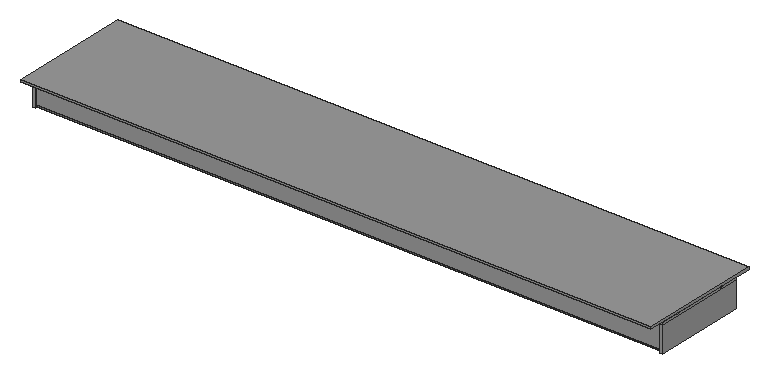
Revit family "Berica 2.2 M", category Lighting Fixtures, Revit 2020 (continued)
Definition of nested family "Light Source Berica 2.2"
  Parameters (values of type "L 45°x96°")
       25.73 34.31 49.29 61.92 \r\n72.51 87.61 108.86 127.38 148.02 172.27 198.50 226.74 \r\n260.89 298.28 327.17 349.71 378.66 408.26 448.06 495.60 \r\n539.15 581.68 615.55 651.49 687.83 725.33 765.00 806.26 \r\n849.23 892.90 933.96 981.05 1024.16 1068.47 1113.29 \r\n1155.72 1200.02 1242.16 1284.20 1323.87 1360.80 1399.64 \r\n1433.64 1468.63 1500.66 1532.42 1560.14 1590.27 1615.50 \r\n1641.53 1664.67 1686.52 1706.02 1723.71 1737.48 1751.03 \r\n1761.75 1773.58 1782.96 1790.84 1796.12 \r\n1796.12 1791.11 1784.43 1776.39 1767.45 1757.47 1745.42 \r\n1733.25 1717.93 1703.57 1684.01 1664.91 1642.56 1620.92 \r\n1594.47 1568.82 1541.65 1513.27 1483.99 1452.56 1421.37 \r\n1385.68 1353.40 1316.64 1280.58 1237.99 1199.77 1158.50 \r\n1117.18 1075.66 1034.00 992.71 949.70 910.08 865.77 \r\n827.11 784.59 748.42 708.65 675.62 640.29 606.71 574.44 \r\n540.45 504.73 463.08 421.18 384.43 355.89 330.44 307.89 \r\n280.12 247.03 214.62 187.63 160.90 137.13 117.09 95.43 \r\n74.77 63.42 50.89 36.81 26.52 22.79 19.88 16.84 13.74 \r\n10.54 7.03 3.75 2.76 2.42 2.17 1.92 1.70 1.47 1.25 1.05 \r\n0.86 0.69 0.52 0.38 0.27 0.20 0.17 0.16 0.16 0.16 0.16 \r\n0.16 0.16 0.16 0.16 0.16 0.17 0.20 0.27 0.38 0.52 0.69 \r\n0.86 1.05 1.25 1.47 1.70 1.92 2.17 2.42 2.76 3.75 7.03 \r\n10.54 13.74 16.84 19.88 22.79 26.52 36.81 50.89 63.42 \r\n74.77 95.43 117.09 137.13 160.90 187.63 214.62 247.03 \r\n280.12 307.89 330.44 355.89 384.43 421.18 463.08 504.73 \r\n540.45 574.44 606.71 640.29 675.62 708.65 748.42 784.59 \r\n827.11 865.77 910.08 949.70 992.71 1034.00 1075.66 \r\n1117.18 1158.50 1199.77 1237.99 1280.58 1316.64 1353.40 \r\n1385.68 1421.37 1452.56 1483.99 1513.27 1541.65 1568.82 \r\n1594.47 1620.92 1642.56 1664.91 1684.01 1703.57 1717.93 \r\n1733.25 1745.42 1757.47 1767.45 1776.39 1784.43 1791.11 \r\n1796.12 \r\n1796.12 1792.12 1786.26 1780.08 1773.01 1764.19 1754.28 \r\n1743.55 1731.25 1718.25 1703.33 1687.66 1668.95 1651.52 \r\n1628.70 1606.32 1583.35 1558.66 1530.74 1506.11 1477.67 \r\n1449.41 1418.69 1386.36 1356.94 1318.71 1287.15 1247.90 \r\n1211.13 1170.68 1135.08 1096.70 1057.17 1015.75 975.25 \r\n935.81 894.37 855.07 818.94 778.75 743.65 706.55 670.67 \r\n638.03 603.45 570.93 540.30 509.61 481.18 447.14 412.01 \r\n376.43 341.46 315.34 291.41 268.75 243.25 212.94 184.04 \r\n157.03 130.85 110.32 89.80 70.47 58.67 47.01 34.43 27.14 \r\n23.60 20.41 16.84 13.43 9.93 7.02 6.05 5.26 4.61 3.92 \r\n3.30 2.68 2.18 1.64 1.20 0.82 0.56 0.34 0.24 0.20 0.20 \r\n0.20 0.20 0.20 0.20 0.20 0.24 0.34 0.56 0.82 1.20 1.64 \r\n2.18 2.68 3.30 3.92 4.61 5.26 6.05 7.02 9.93 13.43 16.84 \r\n20.41 23.60 27.14 34.43 47.01 58.67 70.47 89.80 110.32 \r\n130.85 157.03 184.04 212.94 243.25 268.75 291.41 315.34 \r\n341.46 376.43 412.01 447.14 481.18 509.61 540.30 570.93 \r\n603.45 638.03 670.67 706.55 743.65 778.75 818.94 855.07 \r\n894.37 935.81 975.25 1015.75 1057.17 1096.70 1135.08 \r\n1170.68 1211.13 1247.90 1287.15 1318.71 1356.94 1386.36 \r\n1418.69 1449.41 1477.67 1506.11 1530.74 1558.66 1583.35 \r\n1606.32 1628.70 1651.52 1668.95 1687.66 1703.33 1718.25 \r\n1731.25 1743.55 1754.28 1764.19 1773.01 1780.08 1786.26 \r\n1792.12 1796.12 \r\n1796.12 1792.60 1787.85 1782.90 1777.04 1769.85 1761.80 \r\n1752.84 1742.47 1731.26 1719.81 1706.91 1692.53 1677.48 \r\n1657.68 1640.57 1620.98 1602.15 1578.21 1554.83 1529.79 \r\n1504.73 1479.61 1453.22 1424.40 1395.65 1364.54 1332.04 \r\n1301.11 1266.74 1233.21 1198.18 1162.46 1125.54 1086.02 \r\n1050.30 1013.03 972.37 934.49 895.49 857.36 819.81 780.92 \r\n742.00 706.25 671.28 636.42 603.80 571.14 541.82 509.91 \r\n482.34 453.65 426.38 398.93 369.98 339.94 308.16 277.33 \r\n254.66 233.69 211.07 185.80 160.99 136.88 113.79 94.62 \r\n75.64 62.08 50.99 39.80 32.83 28.31 24.48 20.49 16.80 \r\n13.79 11.80 10.01 8.50 6.83 5.46 4.03 2.91 1.85 1.06 0.54 \r\n0.34 0.25 0.24 0.24 0.24 0.25 0.34 0.54 1.06 1.85 2.91 \r\n4.03 5.46 6.83 8.50 10.01 11.80 13.79 16.80 20.49 24.48 \r\n28.31 32.83 39.80 50.99 62.08 75.64 94.62 113.79 136.88 \r\n160.99 185.80 211.07 233.69 254.66 277.33 308.16 339.94 \r\n369.98 398.93 426.38 453.65 482.34 509.91 541.82 571.14 \r\n603.80 636.42 671.28 706.25 742.00 780.92 819.81 857.36 \r\n895.49 934.49 972.37 1013.03 1050.30 1086.02 1125.54 \r\n1162.46 1198.18 1233.21 1266.74 1301.11 1332.04 1364.54 \r\n1395.65 1424.40 1453.22 1479.61 1504.73 1529.79 1554.83 \r\n1578.21 1602.15 1620.98 1640.57 1657.68 1677.48 1692.53 \r\n1706.91 1719.81 1731.26 1742.47 1752.84 1761.80 1769.85 \r\n1777.04 1782.90 1787.85 1792.60 1796.12 \r\n1796.12 1793.99 1790.95 1786.70 1781.24 1776.98 1770.43 \r\n1762.79 1754.15 1744.02 1734.19 1722.99 1712.14 1700.83 \r\n1685.16 1671.61 1656.07 1638.55 1620.00 1600.56 1579.52 \r\n1559.53 1536.71 1512.72 1489.77 1462.59 1438.81 1409.46 \r\n1381.50 1351.04 1323.28 1290.42 1260.93 1225.64 1194.21 \r\n1158.91 1122.78 1088.75 1050.80 1012.58 976.01 937.35 \r\n897.19 858.77 818.71 781.59 741.37 707.39 673.77 636.62 \r\n603.53 569.46 538.60 506.25 475.75 445.75 419.62 393.45 \r\n365.69 341.90 317.95 294.55 269.00 245.72 220.51 197.73 \r\n179.07 160.94 141.58 121.72 101.70 84.99 69.10 57.10 \r\n48.08 40.31 34.88 30.05 25.38 21.53 17.99 14.72 11.86 \r\n8.95 6.28 3.82 1.95 0.81 0.40 0.29 0.29 0.29 0.40 0.81 \r\n1.95 3.82 6.28 8.95 11.86 14.72 17.99 21.53 25.38 30.05 \r\n34.88 40.31 48.08 57.10 69.10 84.99 101.70 121.72 141.58 \r\n160.94 179.07 197.73 220.51 245.72 269.00 294.55 317.95 \r\n341.90 365.69 393.45 419.62 445.75 475.75 506.25 538.60 \r\n569.46 603.53 636.62 673.77 707.39 741.37 781.59 818.71 \r\n858.77 897.19 937.35 976.01 1012.58 1050.80 1088.75 \r\n1122.78 1158.91 1194.21 1225.64 1260.93 1290.42 1323.28 \r\n1351.04 1381.50 1409.46 1438.81 1462.59 1489.77 1512.72 \r\n1536.71 1559.53 1579.52 1600.56 1620.00 1638.55 1656.07 \r\n1671.61 1685.16 1700.83 1712.14 1722.99 1734.19 1744.02 \r\n1754.15 1762.79 1770.43 1776.98 1781.24 1786.70 1790.95 \r\n1793.99 1796.12 \r\n1796.12 1794.36 1792.21 1789.10 1784.98 1780.82 1775.30 \r\n1770.38 1763.77 1756.30 1747.99 1738.08 1728.27 1718.19 \r\n1706.00 1693.58 1680.07 1666.34 1650.67 1635.15 1618.13 \r\n1599.47 1582.60 1562.56 1542.48 1520.95 1497.82 1474.72 \r\n1450.99 1425.79 1399.67 1372.14 1343.30 1315.76 1283.63 \r\n1253.17 1218.68 1186.98 1150.37 1116.18 1082.57 1041.94 \r\n1006.29 966.44 928.16 890.03 848.22 811.72 772.53 733.46 \r\n696.66 658.19 623.55 587.81 551.59 521.17 489.94 458.05 \r\n427.92 399.66 372.86 347.24 321.07 299.58 275.82 254.64 \r\n234.48 214.87 196.93 178.85 161.71 145.00 130.46 114.74 \r\n102.21 88.64 76.82 64.97 56.06 48.01 41.15 35.07 28.96 \r\n23.16 17.94 12.79 8.06 4.24 1.96 0.80 0.54 0.80 1.96 4.24 \r\n8.06 12.79 17.94 23.16 28.96 35.07 41.15 48.01 56.06 \r\n64.97 76.82 88.64 102.21 114.74 130.46 145.00 161.71 \r\n178.85 196.93 214.87 234.48 254.64 275.82 299.58 321.07 \r\n347.24 372.86 399.66 427.92 458.05 489.94 521.17 551.59 \r\n587.81 623.55 658.19 696.66 733.46 772.53 811.72 848.22 \r\n890.03 928.16 966.44 1006.29 1041.94 1082.57 1116.18 \r\n1150.37 1186.98 1218.68 1253.17 1283.63 1315.76 1343.30 \r\n1372.14 1399.67 1425.79 1450.99 1474.72 1497.82 1520.95 \r\n1542.48 1562.56 1582.60 1599.47 1618.13 1635.15 1650.67 \r\n1666.34 1680.07 1693.58 1706.00 1718.19 1728.27 1738.08 \r\n1747.99 1756.30 1763.77 1770.38 1775.30 1780.82 1784.98 \r\n1789.10 1792.21 1794.36 1796.12 \r\n1796.12 1794.86 1793.29 1790.52 1788.60 1785.60 1780.89 \r\n1776.72 1771.55 1765.90 1759.08 1751.24 1743.20 1734.33 \r\n1724.22 1713.45 1701.59 1689.16 1675.93 1660.99 1645.91 \r\n1629.54 1612.96 1595.57 1578.95 1559.52 1538.56 1518.62 \r\n1497.76 1474.40 1451.86 1428.82 1403.36 1377.53 1350.27 \r\n1321.13 1293.54 1262.09 1230.40 1195.31 1163.50 1128.77 \r\n1091.71 1054.83 1015.43 976.60 938.38 897.52 858.68 \r\n818.03 778.90 739.82 699.61 662.08 623.28 587.16 549.45 \r\n515.88 484.19 451.48 422.12 393.41 364.32 339.38 312.68 \r\n289.42 265.98 246.11 226.22 206.42 188.78 171.23 156.66 \r\n141.12 128.98 116.28 104.07 93.13 82.34 72.98 62.98 54.43 \r\n45.99 37.71 30.09 22.57 16.43 9.93 5.54 2.29 1.69 2.29 \r\n5.54 9.93 16.43 22.57 30.09 37.71 45.99 54.43 62.98 72.98 \r\n82.34 93.13 104.07 116.28 128.98 141.12 156.66 171.23 \r\n188.78 206.42 226.22 246.11 265.98 289.42 312.68 339.38 \r\n364.32 393.41 422.12 451.48 484.19 515.88 549.45 587.16 \r\n623.28 662.08 699.61 739.82 778.90 818.03 858.68 897.52 \r\n938.38 976.60 1015.43 1054.83 1091.71 1128.77 1163.50 \r\n1195.31 1230.40 1262.09 1293.54 1321.13 1350.27 1377.53 \r\n1403.36 1428.82 1451.86 1474.40 1497.76 1518.62 1538.56 \r\n1559.52 1578.95 1595.57 1612.96 1629.54 1645.91 1660.99 \r\n1675.93 1689.16 1701.59 1713.45 1724.22 1734.33 1743.20 \r\n1751.24 1759.08 1765.90 1771.55 1776.72 1780.89 1785.60 \r\n1788.60 1790.52 1793.29 1794.86 1796.12 \r\n1796.12 1796.33 1795.80 1794.31 1792.30 1789.58 1786.82 \r\n1783.96 1778.95 1773.09 1767.33 1761.68 1753.82 1746.64 \r\n1736.51 1727.02 1716.51 1704.58 1691.36 1678.24 1664.64 \r\n1649.82 1634.03 1617.30 1601.08 1582.78 1564.94 1544.82 \r\n1524.63 1502.56 1481.29 1457.39 1433.44 1410.79 1384.47 \r\n1357.48 1326.61 1297.17 1267.16 1236.66 1201.68 1167.61 \r\n1132.39 1093.14 1057.15 1017.59 979.44 940.32 899.69 \r\n860.46 818.90 779.36 740.21 698.11 663.50 624.59 587.13 \r\n550.81 517.19 486.02 454.03 423.05 395.85 368.86 340.85 \r\n316.50 292.55 271.53 249.87 230.01 210.17 193.40 177.50 \r\n161.31 146.84 133.87 120.78 108.97 96.70 85.91 75.46 \r\n65.48 55.78 46.56 37.64 29.00 20.85 14.13 8.47 4.56 3.25 \r\n4.56 8.47 14.13 20.85 29.00 37.64 46.56 55.78 65.48 75.46 \r\n85.91 96.70 108.97 120.78 133.87 146.84 161.31 177.50 \r\n193.40 210.17 230.01 249.87 271.53 292.55 316.50 340.85 \r\n368.86 395.85 423.05 454.03 486.02 517.19 550.81 587.13 \r\n624.59 663.50 698.11 740.21 779.36 818.90 860.46 899.69 \r\n940.32 979.44 1017.59 1057.15 1093.14 1132.39 1167.61 \r\n1201.68 1236.66 1267.16 1297.17 1326.61 1357.48 1384.47 \r\n1410.79 1433.44 1457.39 1481.29 1502.56 1524.63 1544.82 \r\n1564.94 1582.78 1601.08 1617.30 1634.03 1649.82 1664.64 \r\n1678.24 1691.36 1704.58 1716.51 1727.02 1736.51 1746.64 \r\n1753.82 1761.68 1767.33 1773.09 1778.95 1783.96 1786.82 \r\n1789.58 1792.30 1794.31 1795.80 1796.33 1796.12 \r\n1796.12 1796.17 1796.34 1794.67 1793.18 1791.29 1788.07 \r\n1784.45 1779.97 1774.96 1769.21 1763.34 1755.52 1747.68 \r\n1738.83 1728.06 1717.09 1706.43 1693.53 1679.57 1664.01 \r\n1648.55 1633.34 1615.19 1599.48 1579.93 1561.26 1540.47 \r\n1519.16 1495.50 1474.13 1451.24 1426.25 1401.33 1373.38 \r\n1345.20 1315.68 1284.27 1252.84 1221.20 1186.26 1151.78 \r\n1113.10 1078.90 1039.27 1001.73 960.69 922.42 883.81 \r\n843.19 805.04 766.34 728.36 690.82 650.93 615.72 581.63 \r\n546.90 515.71 483.93 454.38 424.05 398.34 372.41 346.56 \r\n324.49 301.19 279.50 259.16 239.58 222.68 204.19 189.13 \r\n173.81 159.48 146.57 134.07 121.91 110.15 98.91 89.27 \r\n78.69 68.58 59.13 49.57 41.40 32.15 25.05 18.87 14.32 \r\n13.46 14.32 18.87 25.05 32.15 41.40 49.57 59.13 68.58 \r\n78.69 89.27 98.91 110.15 121.91 134.07 146.57 159.48 \r\n173.81 189.13 204.19 222.68 239.58 259.16 279.50 301.19 \r\n324.49 346.56 372.41 398.34 424.05 454.38 483.93 515.71 \r\n546.90 581.63 615.72 650.93 690.82 728.36 766.34 805.04 \r\n843.19 883.81 922.42 960.69 1001.73 1039.27 1078.90 \r\n1113.10 1151.78 1186.26 1221.20 1252.84 1284.27 1315.68 \r\n1345.20 1373.38 1401.33 1426.25 1451.24 1474.13 1495.50 \r\n1519.16 1540.47 1561.26 1579.93 1599.48 1615.19 1633.34 \r\n1648.55 1664.01 1679.57 1693.53 1706.43 1717.09 1728.06 \r\n1738.83 1747.68 1755.52 1763.34 1769.21 1774.96 1779.97 \r\n1784.45 1788.07 1791.29 1793.18 1794.67 1796.34 1796.17 \r\n1796.12 \r\n1796.12 1797.24 1797.34 1795.96 1794.68 1792.33 1789.74 \r\n1785.46 1780.60 1774.92 1770.06 1763.13 1754.45 1745.65 \r\n1736.26 1724.67 1713.00 1700.77 1687.24 1672.53 1657.55 \r\n1640.55 1622.92 1603.77 1585.11 1565.08 1543.53 1519.46 \r\n1496.22 1471.48 1446.51 1419.60 1391.15 1362.67 1331.00 \r\n1298.58 1265.50 1232.22 1198.99 1162.94 1128.70 1089.75 \r\n1050.30 1014.76 974.75 937.11 897.86 862.08 822.82 787.56 \r\n749.74 712.93 675.56 643.14 609.87 576.76 545.04 515.51 \r\n487.81 458.22 433.00 407.03 382.41 359.55 337.71 317.66 \r\n296.69 277.89 259.82 242.60 227.36 211.19 197.11 183.36 \r\n170.82 159.47 147.11 136.06 125.40 114.44 104.39 93.54 \r\n83.96 74.36 65.71 56.45 47.87 40.33 34.63 30.14 29.10 \r\n30.14 34.63 40.33 47.87 56.45 65.71 74.36 83.96 93.54 \r\n104.39 114.44 125.40 136.06 147.11 159.47 170.82 183.36 \r\n197.11 211.19 227.36 242.60 259.82 277.89 296.69 317.66 \r\n337.71 359.55 382.41 407.03 433.00 458.22 487.81 515.51 \r\n545.04 576.76 609.87 643.14 675.56 712.93 749.74 787.56 \r\n822.82 862.08 897.86 937.11 974.75 1014.76 1050.30 \r\n1089.75 1128.70 1162.94 1198.99 1232.22 1265.50 1298.58 \r\n1331.00 1362.67 1391.15 1419.60 1446.51 1471.48 1496.22 \r\n1519.46 1543.53 1565.08 1585.11 1603.77 1622.92 1640.55 \r\n1657.55 1672.53 1687.24 1700.77 1713.00 1724.67 1736.26 \r\n1745.65 1754.45 1763.13 1770.06 1774.92 1780.60 1785.46 \r\n1789.74 1792.33 1794.68 1795.96 1797.34 1797.24 1796.12 \r\n1796.12 1797.86 1798.09 1797.13 1795.43 1793.51 1790.08 \r\n1786.04 1780.39 1774.52 1767.65 1760.40 1751.70 1742.87 \r\n1730.87 1719.07 1705.85 1690.06 1674.81 1656.83 1639.82 \r\n1619.79 1598.88 1577.30 1553.95 1530.06 1504.08 1478.59 \r\n1449.23 1420.38 1391.88 1362.72 1329.45 1295.35 1263.17 \r\n1226.31 1191.33 1154.07 1117.91 1083.73 1041.90 1005.11 \r\n965.95 927.27 891.72 853.35 818.76 781.30 745.46 712.33 \r\n680.15 647.00 616.47 586.71 558.14 530.99 503.89 477.80 \r\n454.53 431.33 408.23 386.41 365.67 347.08 326.66 311.11 \r\n293.10 277.22 261.46 246.67 233.01 219.15 206.39 194.47 \r\n182.36 170.71 159.73 148.59 138.90 128.36 117.96 107.98 \r\n98.58 89.28 80.39 72.01 64.31 57.49 52.32 49.02 48.33 \r\n49.02 52.32 57.49 64.31 72.01 80.39 89.28 98.58 107.98 \r\n117.96 128.36 138.90 148.59 159.73 170.71 182.36 194.47 \r\n206.39 219.15 233.01 246.67 261.46 277.22 293.10 311.11 \r\n326.66 347.08 365.67 386.41 408.23 431.33 454.53 477.80 \r\n503.89 530.99 558.14 586.71 616.47 647.00 680.15 712.33 \r\n745.46 781.30 818.76 853.35 891.72 927.27 965.95 1005.11 \r\n1041.90 1083.73 1117.91 1154.07 1191.33 1226.31 1263.17 \r\n1295.35 1329.45 1362.72 1391.88 1420.38 1449.23 1478.59 \r\n1504.08 1530.06 1553.95 1577.30 1598.88 1619.79 1639.82 \r\n1656.83 1674.81 1690.06 1705.85 1719.07 1730.87 1742.87 \r\n1751.70 1760.40 1767.65 1774.52 1780.39 1786.04 1790.08 \r\n1793.51 1795.43 1797.13 1798.09 1797.86 1796.12 \r\n1796.12 1797.93 1797.86 1796.23 1794.95 1791.96 1788.10 \r\n1782.79 1777.15 1770.16 1763.72 1754.77 1744.75 1733.45 \r\n1719.02 1704.13 1687.84 1669.18 1650.43 1629.66 1607.20 \r\n1583.93 1560.15 1533.20 1506.98 1477.46 1448.19 1418.56 \r\n1384.89 1353.94 1320.82 1284.88 1249.20 1213.10 1173.74 \r\n1137.39 1099.98 1062.19 1021.14 982.39 945.16 910.18 \r\n871.25 837.49 802.00 767.11 736.07 701.71 674.06 642.82 \r\n616.51 589.06 563.47 538.42 514.60 492.09 470.00 450.85 \r\n428.72 411.11 391.18 374.35 356.26 340.05 323.12 309.47 \r\n293.87 280.35 266.31 253.05 240.23 226.92 215.21 203.63 \r\n191.56 180.08 169.98 159.01 149.45 139.06 130.27 120.96 \r\n112.47 103.95 95.60 87.93 80.62 75.47 70.71 68.31 67.17 \r\n68.31 70.71 75.47 80.62 87.93 95.60 103.95 112.47 120.96 \r\n130.27 139.06 149.45 159.01 169.98 180.08 191.56 203.63 \r\n215.21 226.92 240.23 253.05 266.31 280.35 293.87 309.47 \r\n323.12 340.05 356.26 374.35 391.18 411.11 428.72 450.85 \r\n470.00 492.09 514.60 538.42 563.47 589.06 616.51 642.82 \r\n674.06 701.71 736.07 767.11 802.00 837.49 871.25 910.18 \r\n945.16 982.39 1021.14 1062.19 1099.98 1137.39 1173.74 \r\n1213.10 1249.20 1284.88 1320.82 1353.94 1384.89 1418.56 \r\n1448.19 1477.46 1506.98 1533.20 1560.15 1583.93 1607.20 \r\n1629.66 1650.43 1669.18 1687.84 1704.13 1719.02 1733.45 \r\n1744.75 1754.77 1763.72 1770.16 1777.15 1782.79 1788.10 \r\n1791.96 1794.95 1796.23 1797.86 1797.93 1796.12 \r\n1796.12 1798.62 1798.85 1797.24 1795.25 1791.72 1787.34 \r\n1781.46 1774.83 1768.13 1757.90 1747.44 1734.06 1720.60 \r\n1704.07 1685.63 1665.38 1642.78 1619.69 1595.38 1570.18 \r\n1540.69 1513.12 1481.39 1450.01 1416.02 1383.55 1348.69 \r\n1312.03 1273.90 1236.95 1201.54 1157.97 1122.20 1078.86 \r\n1042.71 1001.72 962.84 927.53 889.13 854.41 821.66 786.09 \r\n754.75 725.88 695.36 667.55 641.47 615.57 591.62 568.11 \r\n546.36 524.90 504.17 485.06 467.33 448.95 433.00 415.10 \r\n398.96 383.39 368.58 353.88 338.51 324.82 311.40 297.87 \r\n284.65 270.96 259.39 246.21 234.51 222.94 211.11 200.35 \r\n189.88 179.30 170.00 160.64 151.64 144.00 134.81 127.69 \r\n119.46 112.45 105.83 99.40 95.04 91.26 8
